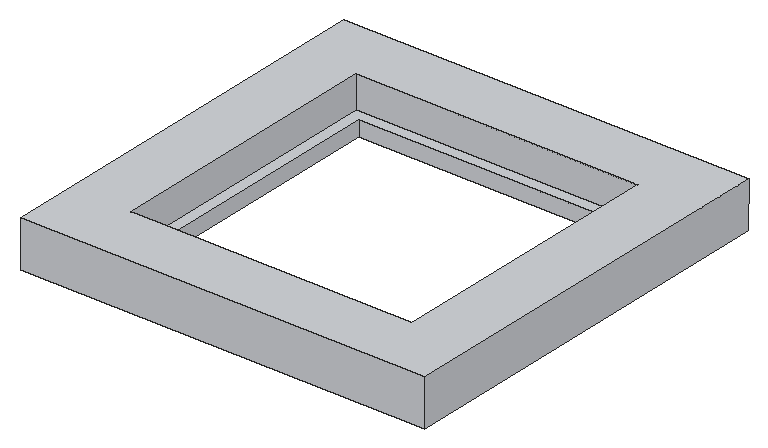
Revit family "Gira_021122", category Electrical Fixtures, host Face, Revit 2017
Family settings
  Host = Face
  Maintain Annotation Orientation = No
  Round Connector Dimension = Use Diameter
  Part Type = Normal
  Cut with Voids When Loaded = No
  Shared = No
  Room Calculation Point = No
Parameters (values of type "Cov.fr. 1-g Gira E2 p.white m")
  With mounting grid = "No"
  With hinged lid = "No"
  URL = "http://katalog.gira.de/en/datenblatt.html?artikelnr=021122"
  Type of fastening = "Clamp mounting"
  Transparent = "No"
  Surface protection = "Other"
  Surface finishing = "Matt"
  Suitable for wall duct = "No"
  Suitable for flush-mounted installation = "Yes"
  Suitable for floor box = "No"
  Suitable for built-in installation = "No"
  RAL-number (akin) = "9010"
  Number of units vertical = "1"
  Number of units horizontal = "1"
  Number of units = "1"
  Name = "Cov.fr. 1-g Gira E2 p.white m"
  Mounting direction = "Horizontal and vertical"
  Material quality = "Thermoplastic"
  Material = "Plastic"
  Manufacturer URL = "https://www.gira.de/"
  Manufacturer = "Gira"
  Label space/information surface = "No"
  Keynote = ""
  HeinzeBIM = "https://bimportal.heinze.de/bim/cov-fr-1-g-gira-e2-p-white-m/d1deba371b4ca1dafcfc153078747804f98dff02"
  Halogen free = "Yes"
  HAN = "021122"
  GTIN = "4010337211228"
  Description = "Cov.fr.1g E2 PWm,Gira E2 cover frame,pure white matt,1-gang,Features:,- Shatter-proof.,,Notes :,- Also suitable for duct installation.,- In connection with the seal kit, frame (1-gang to 5-gang) is also suitable for installation as water-protected flush-mounted IP44."
  Degree of protection (IP) = "IP20"
  Default Elevation = 1219.2 mm
  Data sheet (1) = "https://katalog.gira.de/en/download.html?artikelnr=021122"
  Colour = "White"
  Category = "Cover frame for domestic switching devices"
  BIM (1) = "https://media.stage.bim.site/public/gira/36a6b08/E2_Rahmen_1fach.rfa"
  Available = "No"
Reference planes
  plane 1 "Center (Front/Back)": y = 0
  plane 2: z = 0
  plane 3 "Center (Left/Right)": x = 0
Forms (mm)
  Extrusion 1, solid, detail levels fine
    sketch origin (0, 0, 0) x (1, 0, 0) y (0, 1, 0)
      loop
        line (40.4, 40.4) -> (-40.4, 40.4) -> (-40.4, -40.4) -> (40.4, -40.4) -> (40.4, 40.4)
      loop
        line (-28.152, 28.1) -> (-28.152, -28.152) -> (28.1, -28.152) -> (28.1, 28.1) -> (-28.152, 28.1)
    from 0 to 9.3
  Extrusion 2, solid, detail levels fine
    sketch origin (0, 0, 0) x (1, 0, 0) y (0, 1, 0)
      loop
        line (-28.152, -28.152) -> (28.1, -28.152) -> (28.1, 28.1) -> (-28.152, 28.1) -> (-28.152, -28.152)
      loop
        line (25.7, -25.7) -> (25.7, 25.7) -> (-25.7, 25.7) -> (-25.7, -25.7) -> (25.7, -25.7)
    from 0 to 3
  Extrusion 3, solid, detail levels coarse+medium
    sketch origin (0, 0, 0) x (1, 0, 0) y (0, 1, 0)
      loop
        line (40.4, 40.4) -> (-40.4, 40.4) -> (-40.4, -40.4) -> (40.4, -40.4) -> (40.4, 40.4)
    from 0 to 9.3
Dimensions and locks
  aligned and locked: plane 2 to host face
  aligned and locked: level to host face
